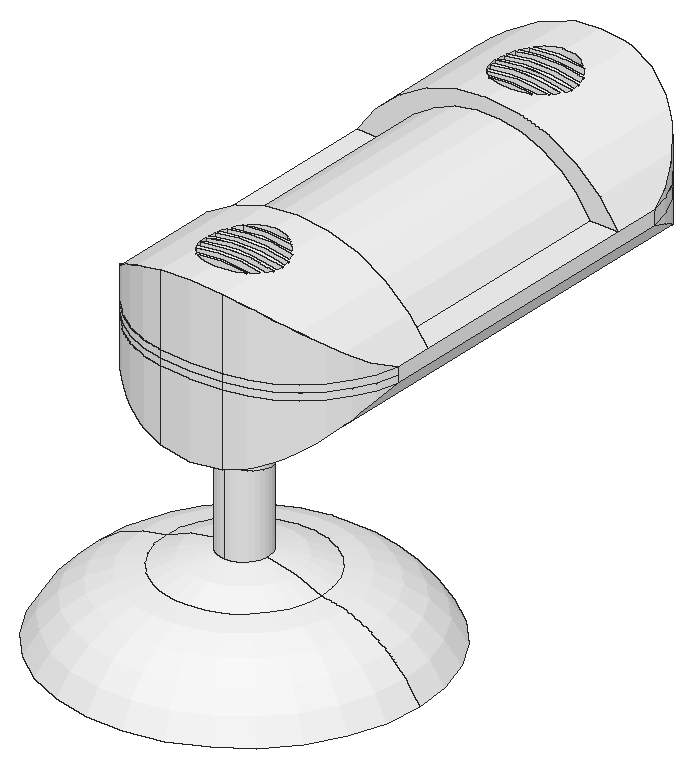
Revit family "NXOS-LODT", category Communication Devices, host Face, Revit 2021
Family settings
  Host = Face
  Maintain Annotation Orientation = No
  Round Connector Dimension = Use Diameter
  Part Type = Normal
  OmniClass Number = 23.85.80.11.27
  OmniClass Title = Lighting Controls
  Cut with Voids When Loaded = No
  Shared = Yes
  Room Calculation Point = No
Parameters (values of type "NXOS")
  Warranty = "5-Years Warranty"  # constant formula
  Type Comments = "Wall Mount Occupancy Sensors\r"  # constant formula
  Product Page URL = ""
  Product Documentation Link = ""
  URL = "https://www.currentlighting.com/nxlightingcontrols"
  Power Requirements = "Powered by NX Room Controller using plenum rated CAT5 cables (ordered separately)"
  Patents = "U.S. Patents: 615129, 5946209, 5699243, 5640143, 6078253, D404326, 6222191, 5986357, 6759954\r\nPatent(s) Pending"
  Model = "NX Ceiling Mount Occupancy Sensors employ Passive Infrared\r\nand Ultrasonic sensing technologies to turn lighting on and off based\r\non occupancy"  # constant formula
  Manufacturer = " NX Lighting Controls"  # constant formula
  Sensing Element = Metal-Nickel
  Feartures = "• IntelliDAPT self-adaptive technology – no manual adjustment required\r\n• Occupancy or vacancy operation selectable per load when used with the\r\nNX Room Controller\r\n• All-digital sensor\r\n• Non-volatile memory for sensor settings\r\n• 500 to 2,500 square-foot coverage area (based on model)\r\n• Plug and play integration with NX Room Controller\r\n• UL and cUL listed\r\n• Low voltage device: 24 VDC"  # constant formula
  Description = "key component in a NX Network Lighting Control System, providing programmable switching and dimming control of the projects lighting circuits"  # constant formula
  Default Elevation = 48.00"
  Copyright = "Copyright ©  NX Lighting Controls"  # constant formula
  Contact Us = ""
  Housing Material = Paint -  Matte White
  Certifications = "UL and cUL listed"
  Assembly Code = "D5090"
Reference planes (in)
  plane 1 "Center (Front/Back)": y = 11.68155
  plane 2: z = 0
  plane 3 "Center (Left/Right)": x = 0
  plane 4: x = -1.41
  plane 5: x = 1.41
  plane 6: z = 3.72
  plane 7: through (0.87749, -180, 1.95871) normal (0.7071, 0, 0.7071)
  plane 8: y = 9.86155
  plane 9: y = 13.50155
Forms (in)
  Revolve 1, solid, material "Paint -  Matte White" <- "Housing Material"
    sketch origin (0, 11.68155, 0) x (1, 0, 0) y (0, 0, 1)
      loop
        line (0, 0) -> (1.82999, 0)
        arc (1.82999, 0) -> (1.40849, 0.4728) -> (0.81222, 0.68649) r 1.28372
        arc (0.81222, 0.68649) -> (0.41744, 0.82505) -> (0, 0.85337) r 1.55552
        line (0, 0.85337) -> (0, 0)
      axis (0, 0.85337) -> (0, 0)
    angle from 0 to 360
  Sweep 2, solid, material "Paint -  Matte White" <- "Housing Material"
    path origin (0, 0, 0) x (0, 1, 0) y (0, 0, 1)
      loop
        line (11.68155, 0.85427) -> (11.68155, 1.68006) -> (12.02357, 2.61976)
    profile origin (0, 11.68155, 1.26717) x (0, -1, 0) y (1, 0, 0)
      loop
        circle (0, 0) r 0.25
Dimensions and locks (in)
  plane 4 to plane 5 = 2.82"
  plane 5 to plane 4 = 2.82"
  plane 6 to plane 2 = 3.72"
  aligned and locked: plane 2 to host face
  aligned and locked: level to host face
Nested families (in)
  nested 1: "Family1" at (0, 13.58283, 2.80957) x (-1, 0, 0) z (0, 0, 1), type "Family1"
Connectors (in)
  electrical at (0, 11.68155, 0)
    settings: on Revolve 1, index 1, voltage 0 V, apparent load 0 VA, apparent load phase1 0 VA, apparent load phase2 0 VA, apparent load phase3 0 VA, power factor 1, load classification "Other", number of poles 1, system type 13, power factor state 1, is connector primary yes, connector utility no, sub classification motor no, connector description "Wall Mount Occupancy Sensors"
Definition of nested family "Family1"
  Parameters
    housing = none
    Sensing material = none
    Default Elevation = 0.00"
  Reference planes (in)
    plane 1 "Center (Front/Back)": y = 0
    plane 2: z = 0
    plane 3 "Center (Left/Right)": x = 0
    plane 4: x = -1.365
    plane 5: x = 1.365
    plane 6: y = 2.74
    plane 7: y = -2.74
    plane 8: z = 0.93
    plane 9: z = -0.93
  Forms (in)
    Extrusion 1, solid
      sketch origin (0, 0, 0) x (1, 0, 0) y (0, 1, 0)
        loop
          arc (-1.365, -1.74827) -> (-1.00674, -2.41289) -> (-0.32626, -2.74) r 1.22166
          arc (-0.32626, -2.74) -> (0, -2.76592) -> (0.32626, -2.74) r 2.06591
          arc (0.32626, -2.74) -> (1.00674, -2.41289) -> (1.365, -1.74827) r 1.22166
          line (1.365, -1.74827) -> (1.365, 1.73264)
          arc (1.365, 1.73264) -> (1.00674, 2.39726) -> (0.32626, 2.72437) r 1.22166
          arc (0.32626, 2.72437) -> (0, 2.7503) -> (-0.32626, 2.72437) r 2.06591
          arc (-0.32626, 2.72437) -> (-1.00674, 2.39726) -> (-1.365, 1.73264) r 1.22166
          line (-1.365, 1.73264) -> (-1.365, -1.74827)
      from -0.075 to 0.075
    Sweep 2, solid, material <- "housing"
      path origin (0, 0, 0) x (1, 0, 0) y (0, 1, 0)
        loop
          line (0, 2.75) -> (0, -2.75)
      profile origin (0, 0, 0) x (1, 0, 0) y (0, 0, 1)
        loop
          line (-1.365, 0.075) -> (1.365, 0.075)
          arc (1.365, 0.075) -> (0, 0.8515) -> (-1.365, 0.075) r 1.58801
    Extrusion 3, void
      sketch origin (0, 0, 0) x (1, 0, 0) y (0, 1, 0)
        loop
          line (-1.365, -1.74827) -> (-1.365, -2.84375) -> (1.365, -2.84375) -> (1.365, -1.74827)
          arc (1.365, -1.74827) -> (1.00674, -2.41289) -> (0.32626, -2.74) r 1.22166
          arc (0.32626, -2.74) -> (0, -2.76592) -> (-0.32626, -2.74) r 2.06591
          arc (-0.32626, -2.74) -> (-1.00674, -2.41289) -> (-1.365, -1.74827) r 1.22166
        loop
          arc (-1.365, 1.59202) -> (-1.00674, 2.25664) -> (-0.32626, 2.58375) r 1.22166
          arc (-0.32626, 2.58375) -> (0, 2.60967) -> (0.32626, 2.58375) r 2.06591
          arc (0.32626, 2.58375) -> (1.00674, 2.25664) -> (1.365, 1.59202) r 1.22166
          line (1.365, 1.59202) -> (1.365, 2.84375) -> (-1.365, 2.84375) -> (-1.365, 1.59202)
      from -0.93 to 0.93
    Extrusion 4, solid, material <- "housing"
      sketch origin (0, 0, 0) x (0, -1, 0) y (1, 0, 0)
        loop
          arc (1.74827, -1.365) -> (2.41289, -1.00674) -> (2.74, -0.32626) r 1.22166
          arc (2.74, -0.32626) -> (2.76592, 0) -> (2.74, 0.32626) r 2.06591
          arc (2.74, 0.32626) -> (2.41289, 1.00674) -> (1.74827, 1.365) r 1.22166
          line (1.74827, 1.365) -> (-1.73264, 1.365)
          arc (-1.73264, 1.365) -> (-2.39726, 1.00674) -> (-2.72437, 0.32626) r 1.22166
          arc (-2.72437, 0.32626) -> (-2.7503, 0) -> (-2.72437, -0.32626) r 2.06591
          arc (-2.72437, -0.32626) -> (-2.39726, -1.00674) -> (-1.73264, -1.365) r 1.22166
          line (-1.73264, -1.365) -> (1.74827, -1.365)
      from -0.075 to 0.075
    Sweep 5, solid, material <- "housing"
      path origin (0, 0, 0.075) x (0, -1, 0) y (1, 0, 0)
        loop
          line (-2.75, 0) -> (2.75, 0)
      profile origin (0, 0, 0.075) x (1, 0, 0) y (0, 0, 1)
        loop
          arc (-1.365, -0.15) -> (0, -0.9265) -> (1.365, -0.15) r 1.58801
          line (1.365, -0.15) -> (-1.365, -0.15)
    Extrusion 6, void
      sketch origin (0, 0, 0) x (0, -1, 0) y (1, 0, 0)
        loop
          line (1.74827, -1.365) -> (2.84375, -1.365) -> (2.84375, 1.365) -> (1.74827, 1.365)
          arc (1.74827, 1.365) -> (2.41289, 1.00674) -> (2.74, 0.32626) r 1.22166
          arc (2.74, 0.32626) -> (2.76592, 0) -> (2.74, -0.32626) r 2.06591
          arc (2.74, -0.32626) -> (2.41289, -1.00674) -> (1.74827, -1.365) r 1.22166
        loop
          arc (-1.59202, -1.365) -> (-2.25664, -1.00674) -> (-2.58375, -0.32626) r 1.22166
          arc (-2.58375, -0.32626) -> (-2.60967, 0) -> (-2.58375, 0.32626) r 2.06591
          arc (-2.58375, 0.32626) -> (-2.25664, 1.00674) -> (-1.59202, 1.365) r 1.22166
          line (-1.59202, 1.365) -> (-2.84375, 1.365) -> (-2.84375, -1.365) -> (-1.59202, -1.365)
      from 0 to 2.51239
    Sweep 7, void
      path origin (0, 0.21875, 0) x (1, 0, 0) y (0, 1, 0)
        loop
          line (0, 1) -> (0, -1.5)
      profile origin (0, -0.03125, 0) x (1, 0, 0) y (0, 0, 1)
        loop
          line (-1.365, 0.075) -> (-1.06382, 0.075)
          arc (-1.06382, 0.075) -> (0, 0.69868) -> (1.06382, 0.075) r 1.21913
          line (1.06382, 0.075) -> (1.365, 0.075)
          arc (1.365, 0.075) -> (0, 0.8515) -> (-1.365, 0.075) r 1.58801
    Extrusion 8, void
      sketch origin (0, 0, 0) x (1, 0, 0) y (0, 1, 0)
        loop
          line (-0.2626, 2.20128) -> (0.2626, 2.20128)
          arc (0.2626, 2.20128) -> (0, 2.29997) -> (-0.2626, 2.20128) r 0.39869
        loop
          arc (-0.29067, 2.17416) -> (-0.31897, 2.14048) -> (-0.34338, 2.10388) r 0.39869
          line (-0.34338, 2.10388) -> (0.34338, 2.10388)
          arc (0.34338, 2.10388) -> (0.31897, 2.14048) -> (0.29067, 2.17416) r 0.39869
          line (0.29067, 2.17416) -> (-0.29067, 2.17416)
        loop
          arc (-0.35988, 2.07286) -> (-0.3744, 2.03832) -> (-0.38561, 2.00258) r 0.39869
          line (-0.38561, 2.00258) -> (0.38561, 2.00258)
          arc (0.38561, 2.00258) -> (0.3744, 2.03832) -> (0.35988, 2.07286) r 0.39869
          line (0.35988, 2.07286) -> (-0.35988, 2.07286)
        loop
          arc (-0.39245, 1.97156) -> (-0.39713, 1.93656) -> (-0.39869, 1.90128) r 0.39869
          line (-0.39869, 1.90128) -> (0.39869, 1.90128)
          arc (0.39869, 1.90128) -> (0.39713, 1.93656) -> (0.39245, 1.97156) r 0.39869
          line (0.39245, 1.97156) -> (-0.39245, 1.97156)
        loop
          arc (-0.39748, 1.87025) -> (-0.39356, 1.8375) -> (-0.38694, 1.80518) r 0.39869
          line (-0.38694, 1.80518) -> (0.38694, 1.80518)
          arc (0.38694, 1.80518) -> (0.39356, 1.8375) -> (0.39748, 1.87025) r 0.39869
          line (0.39748, 1.87025) -> (-0.39748, 1.87025)
        loop
          arc (-0.37788, 1.77416) -> (-0.36291, 1.7362) -> (-0.34414, 1.69998) r 0.39869
          line (-0.34414, 1.69998) -> (0.34414, 1.69998)
          arc (0.34414, 1.69998) -> (0.36291, 1.7362) -> (0.37788, 1.77416) r 0.39869
          line (0.37788, 1.77416) -> (-0.37788, 1.77416)
        loop
          arc (-0.32677, 1.67286) -> (-0.29552, 1.63365) -> (-0.25959, 1.59867) r 0.39869
          line (-0.25959, 1.59867) -> (0.25959, 1.59867)
          arc (0.25959, 1.59867) -> (0.29552, 1.63365) -> (0.32677, 1.67286) r 0.39869
          line (0.32677, 1.67286) -> (-0.32677, 1.67286)
        loop
          arc (-0.22414, 1.57156) -> (0, 1.50259) -> (0.22414, 1.57156) r 0.39869
          line (0.22414, 1.57156) -> (-0.22414, 1.57156)
        loop
          arc (-0.2626, -2.20128) -> (0, -2.29997) -> (0.2626, -2.20128) r 0.39869
          line (0.2626, -2.20128) -> (-0.2626, -2.20128)
        loop
          line (-0.29067, -2.17416) -> (0.29067, -2.17416)
          arc (0.29067, -2.17416) -> (0.31897, -2.14048) -> (0.34338, -2.10388) r 0.39869
          line (0.34338, -2.10388) -> (-0.34338, -2.10388)
          arc (-0.34338, -2.10388) -> (-0.31897, -2.14048) -> (-0.29067, -2.17416) r 0.39869
        loop
          line (-0.35988, -2.07286) -> (0.35988, -2.07286)
          arc (0.35988, -2.07286) -> (0.3744, -2.03832) -> (0.38561, -2.00258) r 0.39869
          line (0.38561, -2.00258) -> (-0.38561, -2.00258)
          arc (-0.38561, -2.00258) -> (-0.3744, -2.03832) -> (-0.35988, -2.07286) r 0.39869
        loop
          line (-0.39245, -1.97156) -> (0.39245, -1.97156)
          arc (0.39245, -1.97156) -> (0.39713, -1.93656) -> (0.39869, -1.90128) r 0.39869
          line (0.39869, -1.90128) -> (-0.39869, -1.90128)
          arc (-0.39869, -1.90128) -> (-0.39713, -1.93656) -> (-0.39245, -1.97156) r 0.39869
        loop
          line (-0.39748, -1.87025) -> (0.39748, -1.87025)
          arc (0.39748, -1.87025) -> (0.39356, -1.8375) -> (0.38694, -1.80518) r 0.39869
          line (0.38694, -1.80518) -> (-0.38694, -1.80518)
          arc (-0.38694, -1.80518) -> (-0.39356, -1.8375) -> (-0.39748, -1.87025) r 0.39869
        loop
          line (-0.37788, -1.77416) -> (0.37788, -1.77416)
          arc (0.37788, -1.77416) -> (0.36291, -1.7362) -> (0.34414, -1.69998) r 0.39869
          line (0.34414, -1.69998) -> (-0.34414, -1.69998)
          arc (-0.34414, -1.69998) -> (-0.36291, -1.7362) -> (-0.37788, -1.77416) r 0.39869
        loop
          line (-0.32677, -1.67286) -> (0.32677, -1.67286)
          arc (0.32677, -1.67286) -> (0.29552, -1.63365) -> (0.25959, -1.59867) r 0.39869
          line (0.25959, -1.59867) -> (-0.25959, -1.59867)
          arc (-0.25959, -1.59867) -> (-0.29552, -1.63365) -> (-0.32677, -1.67286) r 0.39869
        loop
          line (-0.22414, -1.57156) -> (0.22414, -1.57156)
          arc (0.22414, -1.57156) -> (0, -1.50259) -> (-0.22414, -1.57156) r 0.39869
      from 0 to 1
    Extrusion 9, solid, material <- "Sensing material"
      sketch origin (0, 0, 0) x (1, 0, 0) y (0, 1, 0)
        loop
          circle (0, 1.90128) r 0.23395
        loop
          circle (0, -1.90258) r 0.23395
      from 0 to 0.52525
    Extrusion 10, void
      sketch origin (0, 0, 0) x (0, 1, 0) y (0, 0, 1)
        loop
          arc (0.27944, -0.93) -> (0.14952, -0.54931) -> (-0.21875, -0.3875) r 0.5
          line (-0.21875, -0.3875) -> (-2.76592, -0.3875) -> (-2.76592, -0.93) -> (0.27944, -0.93)
      from -2.72838 to 1
  Cuts and joins
    Extrusion 3, Extrusion 6, Sweep 7, Extrusion 8 cuts Extrusion 1
    Extrusion 3, Extrusion 6, Sweep 7, Extrusion 8 cuts Sweep 2
    Extrusion 3, Extrusion 6, Sweep 7, Extrusion 8 cuts Extrusion 4
    Extrusion 3, Extrusion 6, Extrusion 10 cuts Sweep 5
  Dimensions and locks (in)
    aligned and locked: plane 2 to level
    aligned and locked: cut or joined group of Extrusion 3, Sweep 5, Extrusion 6, Extrusion 10 to cut or joined group of Extrusion 3, Extrusion 4, Extrusion 6, Sweep 7, Extrusion 8
    aligned and locked: Extrusion 3 to plane 9
    aligned and locked: plane 8 to Extrusion 3
